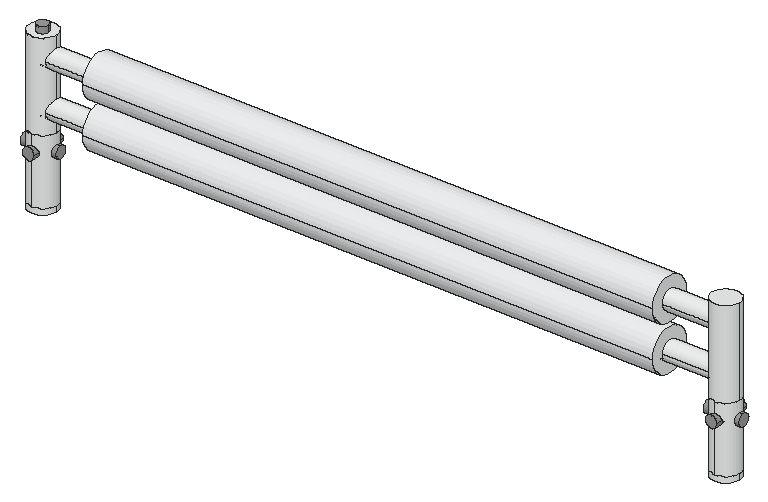
Revit family
Parameters (values of type "K33-73-08-2HE")
  Welded Side Thick = Side Tube Radius + Socket Thick  # 34 mm
  URL = "http://viewer.zmags.com/publication/f01ae52f"
  Tube Radius = 16.9 mm
  Tube = RAL 9016
  Thermal Performance = Thermal Performance Constant * Length / 1000 mm  # 105.6
  Socket Thick = 10 mm
  Socket Radius = 10 mm
  Socket Offset = Side Tube Radius + 7.5 mm  # 31.5 mm
  Socket Height = 65 mm
  Socket = RAL 9016
  Side Tube Radius = 24 mm
  R = Centre Line Distance / 2  # 40 mm
  Plated Thick = 10 mm
  Plate Radius = 40 mm
  Plate = RAL 9016
  Offset = 75 mm + Side Tube Radius  # 99 mm
  Model = "K33-73-08-2HE"
  Manufacturer = "Meinertz"  # constant formula
  Length = 1200 mm
  L = Length / 2  # 600 mm
  Keynote = "K33-73-08-2HE"
  Height = 125 mm
  GoGetNo = 6971  # constant formula
  Fins = yes
  Fin Radius = 36.5 mm
  Fin Pitch = RAL 9016 F
  Fin Diameter = Fin Radius * 2  # 73 mm
  Centre Line Distance = 80 mm
  Thermal Performance Constant = if(Fin Diameter = 73 mm, 88, if(Fin Diameter = 83 mm, 104, if(Fin Diameter = 92 mm, 88, if(Fin Diameter = 98 mm, 82, if(Fin Diameter = 123 mm, 110, if(Fin Diameter = 139 mm, 133, 180))))))  # 88
  2HF = no
  2HR = no
  2HE = yes
Types (25, lengths in mm): name | Welded Side Thick | Tube Radius | Thermal Performance | Socket Radius | Socket Offset | Socket Height | Side Tube Radius | R | Plate Radius | Offset | Model | Keynote | Fin Radius | Fin Diameter | Centre Line Distance | Thermal Performance Constant | 2HF | 2HR | 2HE
  (no name) | 34 | 16.9 | 105.6 | 10 | 31.5 | 65 | 24 | 40 | 40 | 99 | "K33-73-08-2HE" | "K33-73-08-2HE" | 36.5 | 73 | 80 | 88 | no | no | yes
  K33-73-08-2HE | 34 | 16.9 | 105.6 | 10 | 31.5 | 65 | 24 | 40 | 40 | 99 | "K33-73-08-2HE" | "K33-73-08-2HE" | 36.5 | 73 | 80 | 88 | no | no | yes
  K33-83-10-2HE | 34 | 16.9 | 124.8 | 10 | 31.5 | 65 | 24 | 45 | 40 | 99 | "K33-83-10-2HE" | "K33-83-10-2HE" | 41.5 | 83 | 90 | 104 | no | no | yes
  K42-92-10-2HE | 40 | 21.2 | 105.6 | 10 | 37.5 | 65 | 30 | 50 | 45 | 105 | "K42-92-10-2HE" | "K42-92-10-2HE" | 46 | 92 | 100 | 88 | no | no | yes
  K48-98-10-2HE | 48 | 24.2 | 98.4 | 10 | 45.5 | 65 | 38 | 60 | 50 | 113 | "K48-98-10-2HE" | "K48-98-10-2HE" | 49 | 98 | 120 | 82 | no | no | yes
  K60-110-10-2HE | 64 | 30.2 | 216 | 10 | 61.5 | 65 | 54 | 75 | 67.5 | 129 | "K60-110-10-2HE" | "K60-110-10-2HE" | 55 | 110 | 150 | 180 | no | no | yes
  K60-123-12-2HE | 64 | 30.2 | 132 | 10 | 61.5 | 65 | 54 | 75 | 67.5 | 129 | "K60-123-12-2HE" | "K60-123-12-2HE" | 61.5 | 123 | 150 | 110 | no | no | yes
  K76-139-12-2HE | 67 | 38.5 | 159.6 | 10 | 64.5 | 65 | 57 | 95 | 77.5 | 132 | "K76-139-12-2HE" | "K76-139-12-2HE" | 69.5 | 139 | 190 | 133 | no | no | yes
  K101-164-12-2HE | 79.5 | 50.8 | 216 | 10 | 77 | 85 | 69.5 | 135 | 90 | 144.5 | "K101-164-12-2HE" | "K101-164-12-2HE" | 82 | 164 | 270 | 180 | no | no | yes
  K101-164-12-2HR | 79.5 | 50.8 | 216 | 10 | 77 | 85 | 69.5 | 135 | 90 | 144.5 | "K101-164-12-2HR" | "K101-164-12-2HR" | 82 | 164 | 270 | 180 | no | yes | no
  K33-73-08-2HR | 34 | 16.9 | 105.6 | 10 | 31.5 | 65 | 24 | 40 | 40 | 99 | "K33-73-08-2HR" | "K33-73-08-2HR" | 36.5 | 73 | 80 | 88 | no | yes | no
  K33-83-10-2HR | 34 | 16.9 | 124.8 | 10 | 31.5 | 65 | 24 | 45 | 40 | 99 | "K33-83-10-2HR" | "K33-83-10-2HR" | 41.5 | 83 | 90 | 104 | no | yes | no
  K42-92-10-2HR | 40 | 21.2 | 105.6 | 10 | 37.5 | 65 | 30 | 50 | 45 | 105 | "K42-92-10-2HR" | "K42-92-10-2HR" | 46 | 92 | 100 | 88 | no | yes | no
  K48-98-10-2HR | 48 | 24.2 | 98.4 | 10 | 45.5 | 65 | 38 | 60 | 50 | 113 | "K48-98-10-2HR" | "K48-98-10-2HR" | 49 | 98 | 120 | 82 | no | yes | no
  K60-110-10-2HR | 64 | 30.2 | 216 | 10 | 61.5 | 65 | 54 | 75 | 67.5 | 129 | "K60-110-10-2HR" | "K60-110-10-2HR" | 55 | 110 | 150 | 180 | no | yes | no
  K60-123-12-2HR | 64 | 30.2 | 132 | 10 | 61.5 | 65 | 54 | 75 | 67.5 | 129 | "K60-123-12-2HR" | "K60-123-12-2HR" | 61.5 | 123 | 150 | 110 | no | yes | no
  K76-139-12-2HR | 67 | 38.5 | 159.6 | 11.9 | 64.5 | 65 | 57 | 95 | 77.5 | 132 | "K76-139-12-2HR" | "K76-139-12-2HR" | 69.5 | 139 | 190 | 133 | no | yes | no
  K76-139-12-2HF | 67 | 38.5 | 159.6 | 10 | 64.5 | 65 | 57 | 95 | 77.5 | 132 | "K76-139-12-2HF" | "K76-139-12-2HF" | 69.5 | 139 | 190 | 133 | yes | no | no
  K60-123-12-2HF | 64 | 30.2 | 132 | 10 | 61.5 | 65 | 54 | 75 | 67.5 | 129 | "K60-123-12-2HF" | "K60-123-12-2HF" | 61.5 | 123 | 150 | 110 | yes | no | no
  K60-110-10-2HF | 64 | 30.2 | 216 | 10 | 61.5 | 65 | 54 | 75 | 67.5 | 129 | "K60-110-10-2HF" | "K60-110-10-2HF" | 55 | 110 | 150 | 180 | yes | no | no
  K48-98-10-2HF | 48 | 24.2 | 98.4 | 10 | 45.5 | 65 | 38 | 60 | 50 | 113 | "K48-98-10-2HF" | "K48-98-10-2HF" | 49 | 98 | 120 | 82 | yes | no | no
  K42-92-10-2HF | 40 | 21.2 | 105.6 | 10 | 37.5 | 65 | 30 | 50 | 45 | 105 | "K42-92-10-2HF" | "K42-92-10-2HF" | 46 | 92 | 100 | 88 | yes | no | no
  K33-83-10-2HF | 34 | 16.9 | 124.8 | 10 | 31.5 | 65 | 24 | 45 | 40 | 99 | "K33-83-10-2HF" | "K33-83-10-2HF" | 41.5 | 83 | 90 | 104 | yes | no | no
  K33-73-08-2HF | 34 | 16.9 | 105.6 | 10 | 31.5 | 65 | 24 | 40 | 40 | 99 | "K33-73-08-2HF" | "K33-73-08-2HF" | 36.5 | 73 | 80 | 88 | yes | no | no
  K101-164-12-2HF | 79.5 | 50.8 | 216 | 10 | 77 | 85 | 69.5 | 135 | 90 | 144.5 | "K101-164-12-2HF" | "K101-164-12-2HF" | 82 | 164 | 270 | 180 | yes | no | no
Reference planes
  plane 1 "Center (Front/Back)": y = 0
  plane 2: z = 0
  plane 3 "Center (Left/Right)": x = 2
  plane 4: z = 161.5
  plane 5: z = 241.5
  plane 6: z = 125
  plane 7: z = 278
  plane 8: x = -598
  plane 9: x = 602
  plane 10: z = 201.5
  plane 11: x = 626
  plane 12: x = -622
  plane 13: z = 288
  plane 14: z = 10
  plane 15: z = 96.5
  plane 16: z = -10
  plane 17: x = -566.5
  plane 18: y = 31.5
  plane 19: x = -629.5
  plane 20: y = -31.5
  plane 21: y = 31.5
  plane 22: x = 570.5
  plane 23: y = -31.5
  plane 24: x = 633.5
Forms (mm)
  Extrusion 1, solid, material "RAL 9016" <- "Tube"
    sketch origin (0, 0, 0) x (1, 0, 0) y (0, 1, 0)
      loop
        circle (602, 0) r 24
    from 125 to 278
  Extrusion 2, solid, material "RAL 9016" <- "Tube"
    sketch origin (0, 0, 0) x (1, 0, 0) y (0, 1, 0)
      loop
        circle (-598, 0) r 24
    from 125 to 278
  Extrusion 3, solid, material "Tap"
    sketch origin (0, 0, 0) x (1, 0, 0) y (0, 1, 0)
      loop
        circle (-598, 0) r 10
    from 278 to 288
  Extrusion 4, solid, material "RAL 9016" <- "Tube"
    sketch origin (0, 0, 230) x (0, -1, 0) y (1, 0, 0)
      loop
        circle (0, -598) r 24
    from -220 to -105
  Extrusion 5, solid, material "RAL 9016" <- "Tube"
    sketch origin (4, 0, 230) x (0, 1, 0) y (-1, 0, 0)
      loop
        circle (0, -598) r 24
    from -220 to -105
  Revolve 6, solid, material "RAL 9016" <- "Plate", visible <- "2HR"
    sketch origin (0, 0, 0) x (1, 0, 0) y (0, 0, 1)
      loop
        line (-598, 10) -> (-622, 10)
        arc (-622, 10) -> (-623.464, 6.464) -> (-627, 5) r 5
        line (-627, 5) -> (-638, 5) -> (-638, 0) -> (-598, 0) -> (-598, 10)
      axis (-598, 0) -> (-598, 10)
    angle from 0 to 360
  Revolve 7, solid, material "RAL 9016" <- "Plate", visible <- "2HR"
    sketch origin (1400, 0, 0) x (1, 0, 0) y (0, 0, 1)
      loop
        line (-798, 10) -> (-822, 10)
        arc (-822, 10) -> (-823.464, 6.464) -> (-827, 5) r 5
        line (-827, 5) -> (-838, 5) -> (-838, 0) -> (-798, 0) -> (-798, 10)
      axis (-798, 0) -> (-798, 10)
    angle from 0 to 360
  Revolve 8, solid, material "RAL 9016" <- "Plate", visible <- "2HF"
    sketch origin (0, 0, 0) x (1, 0, 0) y (0, 0, 1)
      loop
        line (-598, 10) -> (-638, 10) -> (-638, 0) -> (-598, 0) -> (-598, 10)
      axis (-598, 0) -> (-598, 10)
    angle from 0 to 360
  Revolve 9, solid, material "RAL 9016" <- "Plate", visible <- "2HE"
    sketch origin (0, 0, 0) x (1, 0, 0) y (0, 0, 1)
      loop
        line (-598, 10) -> (-622, 10) -> (-622, 0) -> (-598, 0) -> (-598, 10)
      axis (-598, 0) -> (-598, 10)
    angle from 0 to 360
  Revolve 10, solid, material "RAL 9016" <- "Plate", visible <- "2HF"
    sketch origin (1400, 0, 0) x (1, 0, 0) y (0, 0, 1)
      loop
        line (-798, 10) -> (-838, 10) -> (-838, 0) -> (-798, 0) -> (-798, 10)
      axis (-798, 0) -> (-798, 10)
    angle from 0 to 360
  Revolve 11, solid, material "RAL 9016" <- "Plate", visible <- "2HE"
    sketch origin (1400, 0, 0) x (1, 0, 0) y (0, 0, 1)
      loop
        line (-798, 10) -> (-822, 10) -> (-822, 0) -> (-798, 0) -> (-798, 10)
      axis (-798, 0) -> (-798, 10)
    angle from 0 to 360
  Extrusion 12, solid, material "Tap"
    sketch origin (-598, 0, 0) x (0, 1, 0) y (1, 0, 0)
      loop
        circle (0, 0) r 10
      loop
        circle (0, 1200) r 10
    from 0 to 5
  Extrusion 13, solid, material "Tap"
    sketch origin (14.122, -1.073, 36.5) x (1, 0, 0) y (0, 0, 1)
      loop
        circle (-612.122, 60) r 10
    from -1.073 to 30.427
  Extrusion 14, solid, material "Tap"
    sketch origin (-652.585, -1525.073, 45.01) x (0, 0, -1) y (0, -1, 0)
      loop
        circle (-51.49, -1525.073) r 10
    from -54.585 to -23.085
  Extrusion 15, solid, material "Tap"
    sketch origin (21.565, -1.073, 36.5) x (1, 0, 0) y (0, 0, 1)
      loop
        circle (-619.565, 60) r 10
    from -1.073 to -32.573
  Extrusion 16, solid, material "Tap"
    sketch origin (-652.585, -1525.073, 45.01) x (0, 0, -1) y (0, -1, 0)
      loop
        circle (-51.49, -1525.073) r 10
    from -54.585 to -86.085
  Extrusion 17, solid, material "Tap"
    sketch origin (-652.585, -1525.073, 8.51) x (0, 0, -1) y (0, -1, 0)
      loop
        circle (-87.99, -1525.073) r 10
    from -1254.585 to -1223.085
  Extrusion 18, solid, material "Tap"
    sketch origin (-652.585, -1525.073, 8.51) x (0, 0, -1) y (0, -1, 0)
      loop
        circle (-87.99, -1525.073) r 10
    from -1254.585 to -1286.085
  Extrusion 19, solid, material "Tap"
    sketch origin (1254.565, -1.073, 0) x (1, 0, 0) y (0, 0, 1)
      loop
        circle (-652.565, 96.5) r 10
    from -1.073 to 30.427
  Extrusion 20, solid, material "Tap"
    sketch origin (1254.565, -1.073, 0) x (1, 0, 0) y (0, 0, 1)
      loop
        circle (-652.565, 96.5) r 10
    from -1.073 to -32.573
Dimensions and locks
  "Centre Line Distance": plane 5 to plane 4
  "Height": plane 6 to level
  "Fin Radius": plane 7 to plane 5
  "Fin Radius": plane 4 to plane 6
  "L": plane 3 "Center (Left/Right)" to plane 8
  "L": plane 9 to plane 3 "Center (Left/Right)"
  equal spacing: plane 5, plane 10, plane 4
  "Side Tube Radius": plane 12 to plane 8
  "Side Tube Radius": plane 9 to plane 11
  "Socket Thick": plane 13 to plane 7
  "Plated Thick": plane 14 to level
  "Socket Height": plane 4 to plane 15
  "Socket Thick": level to plane 16
  "Side Tube Radius": plane 8 to Revolve 6 sketch curve
  "Plate Radius": plane 8 to Revolve 6 sketch curve
  plane 14 to Revolve 6 sketch curve = 5 mm
  Revolve 7 sketch curve to Revolve 7 sketch curve = 5 mm
  "Side Tube Radius": Revolve 7 sketch curve to plane 9
  "Plate Radius": Revolve 7 sketch curve to plane 9
  "Plate Radius": plane 8 to Revolve 8 sketch curve
  "Side Tube Radius": Revolve 9 sketch curve to Revolve 9 sketch curve
  "Side Tube Radius": Revolve 11 sketch curve to Revolve 11 sketch curve
  "Plate Radius": Revolve 10 sketch curve to plane 9
  equal spacing: Extrusion 12 sketch curve, plane 8, Extrusion 12 sketch curve
  equal spacing: Extrusion 12 sketch curve, plane 1 "Center (Front/Back)", Extrusion 12 sketch curve  (x2)
  equal spacing: Extrusion 12 sketch curve, plane 9, Extrusion 12 sketch curve
  "Socket Offset": plane 1 "Center (Front/Back)" to plane 18
  "Socket Offset": plane 20 to plane 1 "Center (Front/Back)"
  "Socket Offset": plane 8 to plane 17
  "Socket Offset": plane 19 to plane 8
  "Socket Offset": plane 22 to plane 9
  "Socket Offset": plane 9 to plane 24
  "Socket Offset": plane 1 "Center (Front/Back)" to plane 21
  "Socket Offset": plane 23 to plane 1 "Center (Front/Back)"
  equal spacing: Extrusion 13 sketch curve, plane 8, Extrusion 13 sketch curve
  equal spacing: Extrusion 13 sketch curve, plane 15, Extrusion 13 sketch curve
  equal spacing: Extrusion 14 sketch curve, plane 1 "Center (Front/Back)", Extrusion 14 sketch curve
  equal spacing: Extrusion 14 sketch curve, plane 15, Extrusion 14 sketch curve
  equal spacing: Extrusion 15 sketch curve, plane 8, Extrusion 15 sketch curve
  equal spacing: Extrusion 15 sketch curve, plane 15, Extrusion 15 sketch curve
  equal spacing: Extrusion 16 sketch curve, plane 15, Extrusion 16 sketch curve
  equal spacing: Extrusion 16 sketch curve, plane 1 "Center (Front/Back)", Extrusion 16 sketch curve
  equal spacing: Extrusion 19 sketch curve, plane 9, Extrusion 19 sketch curve
  equal spacing: Extrusion 19 sketch curve, plane 15, Extrusion 19 sketch curve
  equal spacing: Extrusion 18 sketch curve, plane 1 "Center (Front/Back)", Extrusion 18 sketch curve
  equal spacing: Extrusion 18 sketch curve, plane 15, Extrusion 18 sketch curve
  equal spacing: Extrusion 17 sketch curve, plane 1 "Center (Front/Back)", Extrusion 17 sketch curve
  equal spacing: Extrusion 17 sketch curve, plane 15, Extrusion 17 sketch curve
  equal spacing: Extrusion 20 sketch curve, plane 9, Extrusion 20 sketch curve
  equal spacing: Extrusion 20 sketch curve, plane 15, Extrusion 20 sketch curve
  "Side Tube Radius": radius of Extrusion 1 sketch curve
  "Side Tube Radius": radius of Extrusion 2 sketch curve
  "Socket Radius": radius of Extrusion 3 sketch curve
  "Side Tube Radius": radius of Extrusion 4 sketch curve
  "Side Tube Radius": radius of Extrusion 5 sketch curve
  aligned and locked: plane 1 "Center (Front/Back)" to nested 1
  aligned and locked: plane 4 to nested 1
  aligned and locked: plane 5 to nested 2
  aligned and locked: plane 9 to nested 2
  aligned and locked: plane 9 to nested 1
  aligned and locked: plane 7 to Extrusion 1
  aligned and locked: Extrusion 1 to plane 6
  aligned and locked: plane 7 to Extrusion 2
  aligned and locked: Extrusion 2 to plane 6
  aligned and locked: plane 13 to Extrusion 3
  aligned and locked: Extrusion 3 to plane 7
  aligned and locked: plane 6 to Extrusion 4
  aligned and locked: plane 6 to Extrusion 5
  aligned and locked: Extrusion 4 to Extrusion 5
  aligned and locked: Extrusion 5 to plane 14
  aligned and locked: plane 14 to Revolve 6 sketch curve
  aligned and locked: level to Revolve 6 sketch curve
  aligned and locked: Revolve 6 sketch curve to plane 8
  aligned and locked: plane 14 to Revolve 7 sketch curve
  aligned and locked: level to Revolve 7 sketch curve
  aligned and locked: level to Revolve 8 sketch curve
  aligned and locked: Revolve 8 sketch curve to plane 14
  aligned and locked: level to Revolve 9 sketch curve
  aligned and locked: Revolve 9 sketch curve to plane 14
  aligned and locked: plane 9 to Revolve 11 sketch curve
  aligned and locked: level to Revolve 11 sketch curve
  aligned and locked: Revolve 11 sketch curve to plane 14
  aligned and locked: plane 9 to Revolve 10 sketch curve
  aligned and locked: Revolve 10 sketch curve to plane 14
  aligned and locked: level to Revolve 10 sketch curve
  aligned and locked: Extrusion 16 to plane 17
  aligned and locked: Extrusion 16 to plane 8
  aligned and locked: plane 8 to Extrusion 14
  aligned and locked: plane 19 to Extrusion 14
  aligned and locked: plane 1 "Center (Front/Back)" to Extrusion 15
  aligned and locked: Extrusion 15 to plane 18
  aligned and locked: Extrusion 13 to plane 1 "Center (Front/Back)"
  aligned and locked: Extrusion 13 to plane 20
  aligned and locked: Extrusion 17 to plane 22
  aligned and locked: Extrusion 17 to plane 9
  aligned and locked: plane 9 to Extrusion 18
  aligned and locked: Extrusion 18 to plane 24
  aligned and locked: Extrusion 19 to plane 1 "Center (Front/Back)"
  aligned and locked: plane 1 "Center (Front/Back)" to Extrusion 20
  aligned and locked: plane 21 to Extrusion 20
  aligned and locked: Extrusion 19 to plane 23
Automatic sketch dimensions
  Extrusion 1 sketch curve to plane 1 "Center (Front/Back)" = 0 mm
  Extrusion 1 sketch curve to plane 9 = 0 mm
  Extrusion 2 sketch curve to plane 1 "Center (Front/Back)" = 0 mm
  Extrusion 2 sketch curve to plane 8 = 0 mm
  Extrusion 3 sketch curve to plane 1 "Center (Front/Back)" = 0 mm
  Extrusion 3 sketch curve to plane 8 = 0 mm
  Extrusion 4 sketch curve to plane 1 "Center (Front/Back)" = 0 mm
  Extrusion 4 sketch curve to plane 8 = 0 mm
  Extrusion 5 sketch curve to plane 1 "Center (Front/Back)" = 0 mm
  Extrusion 5 sketch curve to plane 9 = 0 mm
  Revolve 7 sketch curve to plane 9 = 0 mm
  plane 16 to Revolve 7 sketch curve = 10 mm
  Revolve 7 sketch curve to plane 14 = 0 mm
  Revolve 11 sketch curve to plane 9 = 0 mm
  plane 16 to Revolve 11 sketch curve = 10 mm
  Revolve 11 sketch curve to plane 14 = 0 mm
  Revolve 10 sketch curve to plane 9 = 0 mm
  plane 16 to Revolve 10 sketch curve = 10 mm
  Revolve 10 sketch curve to plane 14 = 0 mm
  Revolve 9 sketch curve to plane 12 = 0 mm
  Revolve 9 sketch curve to plane 8 = 0 mm
  Revolve 9 sketch curve to plane 14 = 0 mm
  plane 16 to Revolve 9 sketch curve = 0.54 mm
  Revolve 8 sketch curve to plane 8 = 0 mm  (x2)
  Revolve 8 sketch curve to plane 14 = 0 mm
  Revolve 8 sketch curve to plane 16 = 5 mm
  Revolve 6 sketch curve to plane 8 = 0 mm
  Revolve 6 sketch curve to plane 14 = 0 mm
  Revolve 6 sketch curve to plane 16 = 28.189 mm
  plane 9 to Revolve 7 sketch curve = 0 mm
  radius of Extrusion 12 sketch curve = 10 mm  (x2)
  radius of Extrusion 13 sketch curve = 10 mm
  radius of Extrusion 14 sketch curve = 10 mm
  radius of Extrusion 15 sketch curve = 10 mm
  radius of Extrusion 16 sketch curve = 10 mm
  radius of Extrusion 19 sketch curve = 10 mm
  radius of Extrusion 18 sketch curve = 10 mm
  radius of Extrusion 17 sketch curve = 10 mm
  radius of Extrusion 20 sketch curve = 10 mm
Nested families
  nested 1: "Ribberør LSV-Finned Tube" at (2, 0, -38.5), type "k33-73-08"
  nested 2: "Ribberør LSV-Finned Tube" at (2, 0, 41.5), type "k33-73-08"
Connectors
  piping at (-598, -31.5, 96.5)
    settings: on Extrusion 13, index 1, connector radius 10 mm, flow factor 0, pipe flow 0.0 L/s, pressure drop 0.0 Pa, fitting loss kfactor 0, connector angle 0.00°, fixture units 0, flow configuration 1, flow direction 1, fitting loss method 0, system type 22, connector reference index -1, connector utility 0, adjustable connector no, is connector primary yes, fitting loss table "", connector description ""
  piping at (-629.5, 0, 96.5)
    settings: on Extrusion 14, index 2, connector radius 10 mm, flow factor 0, pipe flow 0.0 L/s, pressure drop 0.0 Pa, fitting loss kfactor 0, connector angle 0.00°, fixture units 0, flow configuration 1, flow direction 1, fitting loss method 0, system type 22, connector reference index -1, connector utility 0, adjustable connector no, is connector primary no, fitting loss table "", connector description ""
  piping at (-598, 31.5, 96.5)
    settings: on Extrusion 15, index 3, connector radius 10 mm, flow factor 0, pipe flow 0.0 L/s, pressure drop 0.0 Pa, fitting loss kfactor 0, connector angle 0.00°, fixture units 0, flow configuration 1, flow direction 1, fitting loss method 0, system type 22, connector reference index -1, connector utility 0, adjustable connector no, is connector primary no, fitting loss table "", connector description ""
  piping at (-566.5, 0, 96.5)
    settings: on Extrusion 16, index 4, connector radius 10 mm, flow factor 0, pipe flow 0.0 L/s, pressure drop 0.0 Pa, fitting loss kfactor 0, connector angle 0.00°, fixture units 0, flow configuration 1, flow direction 1, fitting loss method 0, system type 22, connector reference index -1, connector utility 0, adjustable connector no, is connector primary no, fitting loss table "", connector description ""
  piping at (-598, 0, 288)
    settings: on Extrusion 3, index 5, connector radius 10 mm, flow factor 0, pipe flow 0.0 L/s, pressure drop 0.0 Pa, fitting loss kfactor 0, connector angle 0.00°, fixture units 0, flow configuration 1, flow direction 1, fitting loss method 0, system type 22, connector reference index -1, connector utility 0, adjustable connector no, is connector primary no, fitting loss table "", connector description ""
  piping at (-598, 0, -5)
    settings: on Extrusion 12, index 6, connector radius 10 mm, flow factor 0, pipe flow 0.0 L/s, pressure drop 0.0 Pa, fitting loss kfactor 0, connector angle 0.00°, fixture units 0, flow configuration 1, flow direction 1, fitting loss method 0, system type 22, connector reference index -1, connector utility 0, adjustable connector no, is connector primary no, fitting loss table "", connector description ""
  piping at (570.5, 0, 96.5)
    settings: on Extrusion 17, index 7, connector radius 10 mm, flow factor 0, pipe flow 0.0 L/s, pressure drop 0.0 Pa, fitting loss kfactor 0, connector angle 0.00°, fixture units 0, flow configuration 1, flow direction 2, fitting loss method 0, system type 22, connector reference index -1, connector utility 0, adjustable connector no, is connector primary no, fitting loss table "", connector description ""
  piping at (602, -31.5, 96.5)
    settings: on Extrusion 19, index 8, connector radius 10 mm, flow factor 0, pipe flow 0.0 L/s, pressure drop 0.0 Pa, fitting loss kfactor 0, connector angle 0.00°, fixture units 0, flow configuration 1, flow direction 2, fitting loss method 0, system type 22, connector reference index -1, connector utility 0, adjustable connector no, is connector primary no, fitting loss table "", connector description ""
  piping at (633.5, 0, 96.5)
    settings: on Extrusion 18, index 9, connector radius 10 mm, flow factor 0, pipe flow 0.0 L/s, pressure drop 0.0 Pa, fitting loss kfactor 0, connector angle 0.00°, fixture units 0, flow configuration 1, flow direction 2, fitting loss method 0, system type 22, connector reference index -1, connector utility 0, adjustable connector no, is connector primary no, fitting loss table "", connector description ""
  piping at (602, 0, -5)
    settings: on Extrusion 12, index 10, connector radius 10 mm, flow factor 0, pipe flow 0.0 L/s, pressure drop 0.0 Pa, fitting loss kfactor 0, connector angle 0.00°, fixture units 0, flow configuration 1, flow direction 2, fitting loss method 0, system type 22, connector reference index -1, connector utility 0, adjustable connector no, is connector primary no, fitting loss table "", connector description ""
  piping at (602, 31.5, 96.5)
    settings: on Extrusion 20, index 11, connector radius 10 mm, flow factor 0, pipe flow 0.0 L/s, pressure drop 0.0 Pa, fitting loss kfactor 0, connector angle 0.00°, fixture units 0, flow configuration 1, flow direction 2, fitting loss method 0, system type 22, connector reference index -1, connector utility 0, adjustable connector no, is connector primary no, fitting loss table "", connector description ""
Definition of nested family "Ribberør LSV-Finned Tube"
  Parameters (values of type "K101-164-12")
    URL = "http://www.meinertz.com"
    Tube Radius = Tube Diameter / 2  # 50.55 mm
    Tube Diameter = 101.1 mm
    Tube = none
    Model = "K101-164-12"
    Offset = 75 mm
    Max #1 Pole Breakers [instance] = 371
    Manufacturer = "Meinertz"
    Length = 2000 mm
    Keynote = "K101-164-12"
    Height = 200 mm
    GoGetNo = 6959  # constant formula
    Fins = yes
    Fin Radius = Fin Diameter / 2  # 82 mm
    Fin Pitch = RAL 9016
    Fin Offset = 0.6 mm
    Fin Diameter = 164 mm
    Assembly Code = ""
  Types (10, lengths in mm): name | Tube Radius | Tube Diameter | Tube | Model | Offset | Max #1 Pole Breakers | Length | Keynote | Height | Fin Radius | Fin Pitch | Fin Offset | Fin Diameter
    K33-83-10 | 16.85 | 33.7 | RAL 9016 F | "K33-83-10" | 75 | 271 | 1200 | "K33-83-10" | 150 | 36.5 | RAL 9016 F | 0.3 | 73
    K42-92-10 | 21.2 | 42.4 | none | "K101-164-12" | 75 | 211 | 1200 | "K101-164-12" | 200 | 46 | RAL 9016 | 0.4 | 92
    K48-98-10 | 24.15 | 48.3 | none | "K101-164-12" | 75 | 211 | 1200 | "K101-164-12" | 200 | 49 | RAL 9016 | 0.4 | 98
    K60-110-10 | 30.15 | 60.3 | RAL 9016 | "K101-164-12" | 75 | 211 | 1200 | "K101-164-12" | 200 | 55 | RAL 9016 | 0.5 | 110
    K60-123-12 | 16.85 | 33.7 | RAL 9016 F | "K60-123-12" | 75 | 271 | 1200 | "K60-123-12" | 150 | 36.5 | RAL 9016 F | 0.4 | 73
    K76-139-12 | 38.05 | 76.1 | none | "K101-164-12" | 75 | 211 | 1200 | "K101-164-12" | 200 | 69.5 | RAL 9016 | 0.5 | 139
    K101-164-12 | 50.55 | 101.1 | none | "K101-164-12" | 75 | 371 | 2000 | "K101-164-12" | 200 | 82 | RAL 9016 | 0.6 | 164
    K60-139-12 | 30.15 | 60.3 | none | "K101-164-12" | 75 | 211 | 1200 | "K101-164-12" | 200 | 61.5 | RAL 9016 | 0.4 | 123
    k33-83-08 | 16.85 | 33.7 | none | "K101-164-12" | 75 | 211 | 1200 | "K101-164-12" | 200 | 41.5 | RAL 9016 | 0.3 | 83
    k33-73-08 | 16.9 | 33.8 | RAL 9016 | "K101-164-12" | 99 | 201 | 1200 | "K101-164-12" | 200 | 36.5 | RAL 9016 F | 0.3 | 73
  Reference planes
    plane 1 "Center (Front/Back)": y = 0
    plane 2: z = 0
    plane 3 "Center (Left/Right)": x = 0
    plane 4: x = -1000
    plane 5: x = 1000
    plane 6: z = 200
    plane 7: x = -925
    plane 8: x = 925
  Forms (mm)
    Extrusion 1, solid, material <- "Tube"
      sketch origin (0, 0, 0) x (0, 1, 0) y (0, 0, 1)
        loop
          circle (0, 200) r 50.55
      from -1000 to 1000
    Extrusion 2, solid, material "RAL 9016" <- "Fin Pitch", visible <- "Fins"
      sketch origin (0, 0, 0) x (0, 1, 0) y (0, 0, 1)
        loop
          circle (0, 200) r 82
      from -925 to 925
  Dimensions and locks
    equal spacing: plane 4, plane 3 "Center (Left/Right)", plane 5
    "Length": plane 4 to plane 5
    "Offset": plane 4 to plane 7
    "Offset": plane 8 to plane 5
    "Height": plane 6 to plane 2
    "Tube Radius": radius of Extrusion 1 sketch curve
    "Fin Radius": radius of Extrusion 2 sketch curve
    aligned and locked: Extrusion 1 to plane 4
    aligned and locked: plane 5 to Extrusion 1
    aligned and locked: plane 8 to Extrusion 2
    aligned and locked: Extrusion 2 to plane 7
  Automatic sketch dimensions
    Extrusion 1 sketch curve to plane 1 "Center (Front/Back)" = 0 mm
    Extrusion 1 sketch curve to plane 6 = 0 mm
    Extrusion 2 sketch curve to plane 1 "Center (Front/Back)" = 0 mm
    Extrusion 2 sketch curve to plane 6 = 0 mm
